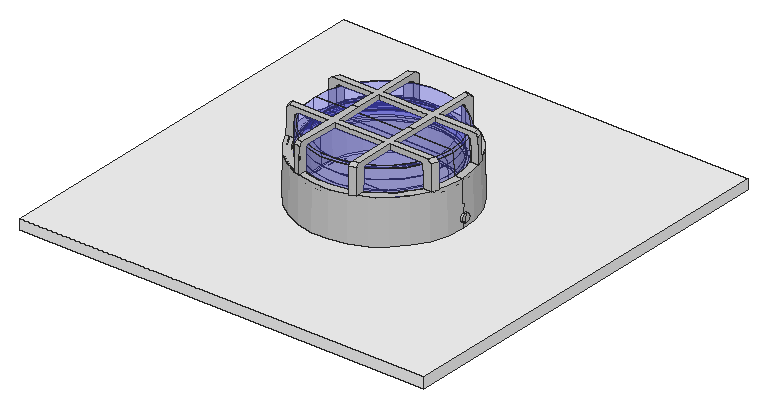
Revit family "BE_33502_de_DE", category Leuchten, Revit 2020
Family settings
  Basisbauteil = Fläche
  Bemaßung runder Anschluss = Durchmesser verwenden
  Teiletyp = Normal
  Beim Laden mit Abzugskörper schneiden = Ja
  Lichtquelle = Ja
  Gemeinsam genutzt = Nein
  Raumberechnungspunkt = Ja
Parameters (values of type "BEGA_33502_Silber_K4")
  built-in parameter 1150104 = 9.202 (stored number, unit not read)
  Wattage = 5.3 W
  Default Elevation = 0 mm
  built-in parameter 1150113 = 1 (stored number, unit not read)
  built-in parameter 1114218 = 1 (stored number, unit not read)
  Umgebungstemperatur = "25 °C"
  URL = "https://www.bega.com/de/produkt/33502"
  Typenkommentare = "© 2022 BEGA. Wir behalten uns das Recht vor, technische Änderungen ohne vorherige Ankündigung vorzunehmen."  # constant formula
  Type Image = 33502.png
  built-in parameter 1150134 = 12
  built-in parameter 1150109 = 1 (stored number, unit not read)
  Strom = ""
  built-in parameter 1150110 = 1 (stored number, unit not read)
  Spannung = 239.996 V
  Sonderanfertigung = no
  Seriennummer [instance] = "Hier können Sie die eindeutige Seriennummer für das Facility Management eintragen."
  Schutzklasse = "I"
  Schutzart = "IP 65"
  Scheinlast = 0 VA
  Produktdatenblatt = "https://cdn.bega.com/bega/products/33502AK4/current/documents/data-sheets/de"
  Oberflächentemperatur = ""
  Neigungswinkel = 0.00°
  Modell = "33502AK4"
  Material_11 = BEGA_Glas_opal
  Material_02 = BEGA_Oberfläche_Silber_matt
  Material_01 [instance] = BEGA_Oberfläche_Grafit_matt
  M_W = no
  M_G = no
  M_A = yes
  Logo = 0
  built-in parameter 1114217 = 1 (stored number, unit not read)
  built-in parameter 1150139 = (empty or 0)
  built-in parameter 1150105 = 41.775 (stored number, unit not read)
  built-in parameter 1150114 = 1 (stored number, unit not read)
  Lumens = 524.965 lm
  built-in parameter 1150115 = 1 (stored number, unit not read)
  Leuchtenlichtstrom = "268 lm"
  Leuchtenanzahl = ""
  Lebensdauerkriterien = "L70B50 @ 25 °C = 200000 h"
  Lastklassifizierung = Beleuchtung
  built-in parameter 1150112 = 1 (stored number, unit not read)
  Lampenlichtstrom = "600 lm"
  Lampe = "LED 2.8 W"
  LED_Modulbezeichnung = "LED-0337/840"
  built-in parameter 1150142 = (empty or 0)
  Hersteller = "BEGA"  # constant formula
  Halbstreuwinkel = ""
  Gewicht = "1.1 kg"
  Gebrauchslageneinschränkung [instance] = ""
  Frequenz = "0/50-60 Hz"
  Farbwiedergabeindex = "CRI > 80"
  Farbtemperaturverschiebung bei Dämpfen der Lampe = <Keine Auswahl>
  Farbtemperatur = "4000 K"
  Color Filter = 16777215
  built-in parameter 1150133 = 10 (stored number, unit not read)
  Energieeffizienzklasse = "LED A++ - A"
  built-in parameter 1150137 = (empty or 0)
  built-in parameter 1150132 = (empty or 0)
  ENEC = "ja"
  Dimmbar [instance] = "on/off"
  Datei für fotometrisches Netz = "BE_33502K4.IES"
  CE_Konformität = "ja"
  Bestellnummer = "33502AK4"
  Beschreibung_Sonderanfertigung = "Hier können Sie Informationen zur Sonderanfertigung eintragen."
  Beschreibung = "Decken- und Wandleuchte"
  built-in parameter 1150106 = 0.41775 (stored number, unit not read)
  Befestigungsbohrung = "Ø 4,5 mm"
  Befestigungsabstand = "110 mm"
  Ballwurfsicher = ""
  BEGA_Intern_aus = yes
  BEGA_Intern_an = yes
  BEGA_Intern_Konstruktion = yes
  BEGA_Intern = yes
  BEGA_IES = yes
  BEGA_Dummy = no
  Anschlussleistung [instance] = "3.9 W"
  built-in parameter 1150107 = 4000 (stored number, unit not read)
  built-in parameter 1150102 = (empty or 0)
  built-in parameter 1150138 = (empty or 0)
  Aktualisierung = "2022-05-18T04:00:07"
  Abstand_zur_angestrahlten_Fläche [instance] = ""
  AC/DC = "AC/DC"
Types (4, lengths in mm): name | built-in parameter 1150104 | built-in parameter 1150134 | Modell | M_G | M_A | built-in parameter 1150105 | Lumens | Leuchtenlichtstrom | Lampenlichtstrom | LED_Modulbezeichnung | Farbtemperatur | Datei für fotometrisches Netz | Bestellnummer | built-in parameter 1150106 | built-in parameter 1150107
  BEGA_33502_Silber_K4 | 9.202 (stored number, unit not read) | 12 | "33502AK4" | no | yes | 41.775 (stored number, unit not read) | 524.965 lm | "268 lm" | "600 lm" | "LED-0337/840" | "4000 K" | "BE_33502K4.IES" | "33502AK4" | 0.41775 (stored number, unit not read) | 4000 (stored number, unit not read)
  BEGA_33502_Silber_K3 | 9.0274 (stored number, unit not read) | (empty or 0) | "33502AK3" | no | yes | 40.982 (stored number, unit not read) | 515.001 lm | "259 lm" | "580 lm" | "LED-0337/830" | "3000 K" | "BE_33502K3.IES" | "33502AK3" | 0.40982 (stored number, unit not read) | 3000 (stored number, unit not read)
  BEGA_33502_Grafit_K3 | 9.0274 (stored number, unit not read) | (empty or 0) | "33502K3" | yes | no | 40.982 (stored number, unit not read) | 515.001 lm | "259 lm" | "580 lm" | "LED-0337/830" | "3000 K" | "BE_33502K3.IES" | "33502K3" | 0.40982 (stored number, unit not read) | 3000 (stored number, unit not read)
  BEGA_33502_Grafit_K4 | 9.202 (stored number, unit not read) | 12 | "33502K4" | yes | no | 41.775 (stored number, unit not read) | 524.965 lm | "268 lm" | "600 lm" | "LED-0337/840" | "4000 K" | "BE_33502K4.IES" | "33502K4" | 0.41775 (stored number, unit not read) | 4000 (stored number, unit not read)
Reference planes
  plane 1 "Mitte (Vorne/Hinten)": y = 0
  plane 2: z = 0
  plane 3 "Mitte (Links/Rechts)": x = 0
  plane 4 "Links": x = -78.963
  plane 5 "Rechts": x = 78.968
  plane 6 "Unten": y = -78.96
  plane 7 "Oben": y = 78.959
  plane 8 "Vorne": z = 72.4
Forms (mm)
  Extrusion 1, solid, material "BEGA_Platte_Weiss"
    sketch origin (0, -1119.2, 0) x (1, 0, 0) y (0, 1, 0)
      loop
        line (-200, 1319.2) -> (-200, 919.2) -> (200, 919.2) -> (200, 1319.2) -> (-200, 1319.2)
    from 0 to -10
  Extrusion 2, solid, material "BEGA_Dummy_matt", visible <- "BEGA_Dummy"
    sketch origin (77.149, -76.023, 0) x (1, 0, 0) y (0, 1, 0)
      loop
        circle (-77.149, 76.023) r 80
    from 0 to 72.4
Dimensions and locks
  plane 1 "Mitte (Vorne/Hinten)" to Extrusion 1 = 200 mm
  aligned and locked: plane 2 to Extrusion 1
  aligned and locked: level to Extrusion 1
Nested families
  nested 1: "BE_33502" at (0, 0, 0), type "BE_33502"
Connectors
  electrical at (0, 0, 0), driven by "Lastklassifizierung", driven by "Spannung", driven by "Scheinlast"
    settings: index 1, voltage 239.996 V, apparent load 0 VA, apparent load phase1 0 VA, apparent load phase2 0 VA, apparent load phase3 0 VA, power factor 1, load classification "Beleuchtung", number of poles 1, system type 31, power factor state 1, is connector primary yes, connector utility no, sub classification motor no, connector description ""
Definition of nested family "BE_33502"
  Parameters (values of type "BE_33502")
    Default Elevation = 1 mm
    URL = "http://www.bega.de/de/produkt"
    Type Comments = "© 2015 BEGA. Wir behalten uns das Recht vor, technische Änderungen ohne vorherige Ankündigung vorzunehmen. "  # constant formula
    Type Image = (empty or 0)
    Material_17 = none
    Material_15 = none
    Material_11 = none
    Material_09 = none
    Material_06 = none
    Material_03 = none
    Material_02 = none
    Material_01 = none
    M_W = no
    M_G = yes
    M_A = no
    Länge_Platte = 200 mm  # constant formula
    Höhe_Platte = -10 mm  # constant formula
    Manufacturer = "BEGA"  # constant formula
    Breite_Platte = 200 mm  # constant formula
  Reference planes
    plane 1 "Mitte (Oben/Unten)": y = 0
    plane 2: z = 0
    plane 3 "Mitte (Links/Rechts)": x = 0
    plane 4 "Vorne": z = 72.4
    plane 5 "Hinten": z = 0
    plane 6 "Links": x = -78.963
    plane 7 "Rechts": x = 78.968
    plane 8 "Oben": y = 78.959
    plane 9 "Unten": y = -78.96
  Forms (mm)
    Extrusion 1, solid, detail levels medium
      sketch origin (0, 0, 0) x (1, 0, 0) y (0, 1, 0)
        loop
          line (-100, 100) -> (-100, -100) -> (100, -100) -> (100, 100) -> (-100, 100)
      from 0 to -10 <- "Höhe_Platte"
    Revolve 2, solid, material <- "Material_01", visible <- "M_G", detail levels medium+fine
      sketch origin (0, 0, 0) x (1, 0, 0) y (0, 0, 1)
        loop
          line (-75.295, 36) -> (-75.4, 33) -> (-75.288, 29.778) -> (-65.994, 29.778) -> (-65.214, 0) -> (-62.5, 0) -> (-62.402, 3.726)
          arc (-62.402, 3.726) -> (-62.101, 4.416) -> (-61.403, 4.7) r 1
          line (-61.403, 4.7) -> (0, 4.7) -> (0, 7.4) -> (-61.526, 7.4)
          arc (-61.526, 7.4) -> (-62.224, 7.684) -> (-62.526, 8.374) r 1
          line (-62.526, 8.374) -> (-63.197, 34) -> (-65.5, 34) -> (-65.57, 36) -> (-75.295, 36)
        axis (0, 0) -> (0, 36)
      angle from 0 to 360
    Extrusion 3, void
      sketch origin (0, 0, 0) x (1, 0, 0) y (0, 1, 0)
        loop
          circle (0, 58.6) r 2.25
        loop
          circle (0, -58.565) r 2.25
        loop
          circle (38.233, 11.839) r 7.5
        loop
          circle (38.233, -11.839) r 7.5
      from 0 to 11.5
    Revolve 4, solid, material <- "Material_01", visible <- "M_G"
      sketch origin (0, 0, 0) x (1, 0, 0) y (0, 0, 1)
        loop
          line (-78.2, 45) -> (-78.959, 1.5) -> (-76.514, 1.5) -> (-75.79, 43) -> (-72.482, 43) -> (-70.772, 43.987) -> (-70.755, 45) -> (-78.2, 45)
        axis (0, 1.5) -> (0, 45)
      angle from 0 to 360
    Revolve 5, solid, material <- "Material_01", visible <- "M_G"
      sketch origin (0, 0, 0) x (1, 0, 0) y (0, 0, 1)
        loop
          line (-77.771, 69.554) -> (-78.2, 45) -> (-70.755, 45) -> (-70.392, 65.77) -> (-68.262, 67.9) -> (0, 67.9) -> (0, 72.4) -> (-74.731, 72.4)
          arc (-74.731, 72.4) -> (-76.252, 70.978) -> (-77.771, 69.554) r 1590.36
        axis (0, 72.4) -> (0, 45)
      angle from 0 to 360
    Extrusion 6, void
      sketch origin (0, 0, 0) x (1, 0, 0) y (0, 1, 0)
        loop
          line (-30.618, 84.217) -> (-83.104, 30.618) -> (-30.618, 30.618) -> (-30.618, 84.217)
        loop
          line (-24.382, 84.217) -> (-24.382, 30.618) -> (24.382, 30.618) -> (24.382, 84.217) -> (-24.382, 84.217)
        loop
          line (-88.19, -24.382) -> (-30.618, -24.382) -> (-30.618, 24.382) -> (-88.19, 24.382) -> (-88.19, -24.382)
        loop
          line (-24.382, 24.382) -> (-24.382, -24.382) -> (24.382, -24.382) -> (24.382, 24.382) -> (-24.382, 24.382)
        loop
          line (30.618, 84.217) -> (30.618, 30.618) -> (83.104, 30.618) -> (30.618, 84.217)
        loop
          line (88.19, -24.382) -> (88.19, 24.382) -> (30.618, 24.382) -> (30.618, -24.382) -> (88.19, -24.382)
        loop
          line (-30.618, -84.183) -> (-30.618, -30.618) -> (-83.104, -30.618) -> (-30.618, -84.183)
        loop
          line (-24.382, -84.183) -> (24.382, -84.183) -> (24.382, -30.618) -> (-24.382, -30.618) -> (-24.382, -84.183)
        loop
          line (30.618, -84.183) -> (83.104, -30.618) -> (30.618, -30.618) -> (30.618, -84.183)
      from 45 to 72.4
    Revolve 7, solid, material <- "Material_11", detail levels medium+fine
      sketch origin (0, 0, 0) x (1, 0, 0) y (0, 0, 1)
        loop
          line (-64, 38) -> (-64, 43) -> (-63.509, 52.366)
          arc (-63.509, 52.366) -> (-61.337, 57.078) -> (-56.519, 59) r 7
          line (-56.519, 59) -> (0, 59) -> (0, 67) -> (-67.362, 67) -> (-69.227, 65.135) -> (-69.966, 43.966)
          arc (-69.966, 43.966) -> (-70.271, 43.281) -> (-70.966, 43) r 1
          line (-70.966, 43) -> (-74.25, 43)
          arc (-74.25, 43) -> (-74.604, 42.854) -> (-74.75, 42.5) r 0.5
          line (-74.75, 42.5) -> (-74.75, 38.5)
          arc (-74.75, 38.5) -> (-74.604, 38.146) -> (-74.25, 38) r 0.5
          line (-74.25, 38) -> (-64, 38)
        axis (0, 67) -> (0, 38)
      angle from 0 to 360
    Revolve 8, solid, material <- "Material_06", detail levels fine
      sketch origin (0, 0, 0) x (1, 0, 0) y (0, 0, 1)
        loop
          line (78.95, 11.5) -> (81.45, 11.5) -> (81.45, 15.5) -> (78.95, 15.5) -> (78.95, 11.5)
        axis (78.95, 11.5) -> (81.45, 11.5)
      angle from 0 to 360
    Revolve 9, solid, material <- "Material_02", visible <- "M_A", detail levels medium+fine
      sketch origin (0, 0, 0) x (1, 0, 0) y (0, 0, 1)
        loop
          line (-75.295, 36) -> (-75.4, 33) -> (-75.288, 29.778) -> (-65.994, 29.778) -> (-65.214, 0) -> (-62.5, 0) -> (-62.402, 3.726)
          arc (-62.402, 3.726) -> (-62.101, 4.416) -> (-61.403, 4.7) r 1
          line (-61.403, 4.7) -> (0, 4.7) -> (0, 7.4) -> (-61.526, 7.4)
          arc (-61.526, 7.4) -> (-62.224, 7.684) -> (-62.526, 8.374) r 1
          line (-62.526, 8.374) -> (-63.197, 34) -> (-65.5, 34) -> (-65.57, 36) -> (-75.295, 36)
        axis (0, 0) -> (0, 36)
      angle from 0 to 360
    Extrusion 10, void
      sketch origin (0, 0, 0) x (1, 0, 0) y (0, 1, 0)
        loop
          circle (0, 58.6) r 2.25
        loop
          circle (0, -58.565) r 2.25
        loop
          circle (38.233, 11.839) r 7.5
        loop
          circle (38.233, -11.839) r 7.5
      from 0 to 11.5
    Revolve 11, solid, material <- "Material_02", visible <- "M_A"
      sketch origin (0, 0, 0) x (1, 0, 0) y (0, 0, 1)
        loop
          line (-78.2, 45) -> (-78.959, 1.5) -> (-76.514, 1.5) -> (-75.79, 43) -> (-72.482, 43) -> (-70.772, 43.987) -> (-70.755, 45) -> (-78.2, 45)
        axis (0, 1.5) -> (0, 45)
      angle from 0 to 360
    Revolve 12, solid, material <- "Material_02", visible <- "M_A"
      sketch origin (0, 0, 0) x (1, 0, 0) y (0, 0, 1)
        loop
          line (-77.771, 69.554) -> (-78.2, 45) -> (-70.755, 45) -> (-70.392, 65.77) -> (-68.262, 67.9) -> (0, 67.9) -> (0, 72.4) -> (-74.731, 72.4)
          arc (-74.731, 72.4) -> (-76.252, 70.978) -> (-77.771, 69.554) r 1590.36
        axis (0, 72.4) -> (0, 45)
      angle from 0 to 360
  Cuts and joins
    Extrusion 3, Extrusion 10 cuts Revolve 2
    Extrusion 6 cuts Revolve 5
    joined: Revolve 4, Revolve 5
    Extrusion 10 cuts Revolve 9
    Extrusion 6 cuts Revolve 12
    joined: Revolve 11, Revolve 12
  Dimensions and locks
    equal spacing: Extrusion 1 sketch curve, plane 3 "Mitte (Links/Rechts)", Extrusion 1 sketch curve
    equal spacing: Extrusion 1 sketch curve, plane 1 "Mitte (Oben/Unten)", Extrusion 1 sketch curve
    "Länge_Platte": Extrusion 1 sketch curve to Extrusion 1 sketch curve
    "Breite_Platte": Extrusion 1 sketch curve to Extrusion 1 sketch curve
    aligned and locked: plane 2 to Extrusion 1
    aligned and locked: level to Extrusion 1
  Automatic sketch dimensions
    Revolve 2 sketch curve to level = 0 mm
    Revolve 2 sketch curve to plane 3 "Mitte (Links/Rechts)" = 0 mm  (x2)
    level to Revolve 2 sketch curve = 4.7 mm
    plane 6 "Links" to Revolve 2 sketch curve = 17.56 mm
    Revolve 2 sketch curve to Revolve 2 sketch curve = 0.123 mm
    Revolve 2 sketch curve to Revolve 2 sketch curve = 1.097 mm
    plane 6 "Links" to Revolve 2 sketch curve = 15.766 mm
    Revolve 2 sketch curve to Revolve 2 sketch curve = 2.714 mm
    Revolve 2 sketch curve to Revolve 2 sketch curve = 2.303 mm
    Revolve 2 sketch curve to Revolve 2 sketch curve = 0.07 mm
    Revolve 2 sketch curve to Revolve 2 sketch curve = 0.494 mm
    plane 6 "Links" to Revolve 2 sketch curve = 3.675 mm
    plane 6 "Links" to Revolve 2 sketch curve = 3.667 mm
    Revolve 2 sketch curve to Revolve 2 sketch curve = 0.105 mm
    Revolve 2 sketch curve to Revolve 2 sketch curve = 1 mm  (x4)
    Revolve 2 sketch curve to Revolve 2 sketch curve = 2.7 mm
    Revolve 2 sketch curve to Revolve 2 sketch curve = 21.378 mm
    Revolve 2 sketch curve to Revolve 2 sketch curve = 0 mm  (x5)
    Revolve 2 sketch curve to Revolve 2 sketch curve = 3.222 mm
    Revolve 2 sketch curve to Revolve 2 sketch curve = 4.222 mm
    Revolve 2 sketch curve to Revolve 2 sketch curve = 2 mm
    level to Revolve 2 sketch curve = 3.726 mm
    Revolve 2 sketch curve to Revolve 2 sketch curve = 19.225 mm
    Extrusion 3 sketch curve to plane 3 "Mitte (Links/Rechts)" = 0 mm  (x2)
    plane 1 "Mitte (Oben/Unten)" to Extrusion 3 sketch curve = 11.839 mm
    plane 3 "Mitte (Links/Rechts)" to Extrusion 3 sketch curve = 38.233 mm
    Extrusion 3 sketch curve to plane 1 "Mitte (Oben/Unten)" = 11.839 mm
    Extrusion 3 sketch curve to Extrusion 3 sketch curve = 0 mm
    plane 9 "Unten" to Extrusion 3 sketch curve = 20.395 mm
    Extrusion 3 sketch curve to plane 8 "Oben" = 20.359 mm
    Revolve 4 sketch curve to plane 3 "Mitte (Links/Rechts)" = 0 mm
    plane 6 "Links" to Revolve 4 sketch curve = 8.208 mm
    Revolve 4 sketch curve to Revolve 4 sketch curve = 0.018 mm
    Revolve 4 sketch curve to Revolve 4 sketch curve = 1.71 mm
    plane 6 "Links" to Revolve 4 sketch curve = 3.173 mm
    plane 6 "Links" to Revolve 4 sketch curve = 2.449 mm
    plane 6 "Links" to Revolve 4 sketch curve = 0.763 mm
    plane 6 "Links" to Revolve 4 sketch curve = 0.003 mm
    level to Revolve 4 sketch curve = 1.5 mm
    Revolve 4 sketch curve to plane 4 "Vorne" = 29.4 mm
    Revolve 4 sketch curve to Revolve 4 sketch curve = 0.987 mm
    Revolve 4 sketch curve to Revolve 4 sketch curve = 1.013 mm
    Revolve 4 sketch curve to level = 3.5 mm
    Revolve 4 sketch curve to plane 4 "Vorne" = 25.9 mm
    Revolve 5 sketch curve to plane 4 "Vorne" = 0 mm  (x2)
    Revolve 5 sketch curve to plane 3 "Mitte (Links/Rechts)" = 0 mm  (x2)
    Revolve 5 sketch curve to plane 4 "Vorne" = 4.5 mm
    plane 6 "Links" to Revolve 5 sketch curve = 10.701 mm
    Revolve 5 sketch curve to Revolve 5 sketch curve = 2.13 mm  (x2)
    plane 6 "Links" to Revolve 5 sketch curve = 8.208 mm
    plane 6 "Links" to Revolve 5 sketch curve = 4.231 mm
    plane 6 "Links" to Revolve 5 sketch curve = 1.191 mm
    plane 6 "Links" to Revolve 5 sketch curve = 0.763 mm
    plane 7 "Rechts" to Revolve 5 sketch curve = 931.727 mm
    Revolve 5 sketch curve to Revolve 5 sketch curve = 20.77 mm
    Revolve 5 sketch curve to level = 1089.965 mm
    Revolve 5 sketch curve to Revolve 5 sketch curve = 20.5 mm
    Extrusion 6 sketch curve to plane 6 "Links" = 9.228 mm
    Extrusion 6 sketch curve to plane 6 "Links" = 4.141 mm  (x2)
    Extrusion 6 sketch curve to plane 3 "Mitte (Links/Rechts)" = 30.618 mm
    Extrusion 6 sketch curve to Extrusion 6 sketch curve = 0 mm  (x7)
    Extrusion 6 sketch curve to Extrusion 6 sketch curve = 6.236 mm  (x11)
    plane 8 "Oben" to Extrusion 6 sketch curve = 5.259 mm  (x3)
    plane 3 "Mitte (Links/Rechts)" to Extrusion 6 sketch curve = 24.382 mm  (x2)
    Extrusion 6 sketch curve to plane 9 "Unten" = 5.223 mm  (x3)
    plane 7 "Rechts" to Extrusion 6 sketch curve = 4.136 mm  (x2)
    Extrusion 6 sketch curve to Extrusion 6 sketch curve = 5.087 mm
    plane 1 "Mitte (Oben/Unten)" to Extrusion 6 sketch curve = 30.618 mm
    Extrusion 6 sketch curve to plane 1 "Mitte (Oben/Unten)" = 24.382 mm  (x2)
    Revolve 7 sketch curve to plane 3 "Mitte (Links/Rechts)" = 0 mm  (x2)
    plane 6 "Links" to Revolve 7 sketch curve = 22.444 mm
    Revolve 7 sketch curve to Revolve 7 sketch curve = 7.481 mm
    Revolve 7 sketch curve to plane 4 "Vorne" = 5.4 mm
    plane 6 "Links" to Revolve 7 sketch curve = 11.601 mm
    Revolve 7 sketch curve to Revolve 7 sketch curve = 1.865 mm  (x2)
    Revolve 7 sketch curve to Revolve 7 sketch curve = 5.966 mm
    Revolve 7 sketch curve to Revolve 7 sketch curve = 0.999 mm
    plane 6 "Links" to Revolve 7 sketch curve = 4.713 mm
    Revolve 7 sketch curve to Revolve 7 sketch curve = 3.284 mm
    Revolve 7 sketch curve to Revolve 7 sketch curve = 0.5 mm
    Revolve 7 sketch curve to Revolve 7 sketch curve = 8 mm  (x2)
    Revolve 7 sketch curve to Revolve 7 sketch curve = 7 mm
    Revolve 7 sketch curve to Revolve 7 sketch curve = 0.034 mm
    Revolve 7 sketch curve to Revolve 7 sketch curve = 0.966 mm
    Revolve 7 sketch curve to Revolve 7 sketch curve = 4 mm
    Revolve 7 sketch curve to Revolve 7 sketch curve = 0 mm  (x6)
    Revolve 7 sketch curve to Revolve 7 sketch curve = 6.99 mm
    Revolve 7 sketch curve to Revolve 7 sketch curve = 3.7 mm
    Revolve 8 sketch curve to plane 7 "Rechts" = 0.018 mm
    plane 7 "Rechts" to Revolve 8 sketch curve = 2.482 mm
    level to Revolve 8 sketch curve = 11.5 mm
    Revolve 8 sketch curve to Revolve 8 sketch curve = 4 mm
    Revolve 8 sketch curve to Revolve 8 sketch curve = 0 mm  (x2)
    Revolve 8 sketch curve to Revolve 8 sketch curve = 1.248 mm
    Revolve 9 sketch curve to level = 0 mm
    Revolve 9 sketch curve to plane 3 "Mitte (Links/Rechts)" = 0 mm  (x2)
    level to Revolve 9 sketch curve = 4.7 mm
    plane 6 "Links" to Revolve 9 sketch curve = 17.56 mm
    Revolve 9 sketch curve to Revolve 9 sketch curve = 0.123 mm
    Revolve 9 sketch curve to Revolve 9 sketch curve = 1.097 mm
    plane 6 "Links" to Revolve 9 sketch curve = 15.766 mm
    Revolve 9 sketch curve to Revolve 9 sketch curve = 2.714 mm
    Revolve 9 sketch curve to Revolve 9 sketch curve = 2.303 mm
    Revolve 9 sketch curve to Revolve 9 sketch curve = 0.07 mm
    Revolve 9 sketch curve to Revolve 9 sketch curve = 0.494 mm
    plane 6 "Links" to Revolve 9 sketch curve = 3.675 mm
    plane 6 "Links" to Revolve 9 sketch curve = 3.667 mm
    Revolve 9 sketch curve to Revolve 9 sketch curve = 0.105 mm
    Revolve 9 sketch curve to Revolve 9 sketch curve = 1 mm  (x4)
    Revolve 9 sketch curve to Revolve 9 sketch curve = 2.7 mm
    Revolve 9 sketch curve to Revolve 9 sketch curve = 21.378 mm
    Revolve 9 sketch curve to Revolve 9 sketch curve = 0 mm  (x5)
    Revolve 9 sketch curve to Revolve 9 sketch curve = 3.222 mm
    Revolve 9 sketch curve to Revolve 9 sketch curve = 4.222 mm
    Revolve 9 sketch curve to Revolve 9 sketch curve = 2 mm
    level to Revolve 9 sketch curve = 3.726 mm
    Revolve 9 sketch curve to Revolve 9 sketch curve = 19.225 mm
    Extrusion 10 sketch curve to plane 3 "Mitte (Links/Rechts)" = 0 mm  (x2)
    plane 1 "Mitte (Oben/Unten)" to Extrusion 10 sketch curve = 11.839 mm
    plane 3 "Mitte (Links/Rechts)" to Extrusion 10 sketch curve = 38.233 mm
    Extrusion 10 sketch curve to plane 1 "Mitte (Oben/Unten)" = 11.839 mm
    Extrusion 10 sketch curve to Extrusion 10 sketch curve = 0 mm
    plane 9 "Unten" to Extrusion 10 sketch curve = 20.395 mm
    Extrusion 10 sketch curve to plane 8 "Oben" = 20.359 mm
    Revolve 11 sketch curve to plane 3 "Mitte (Links/Rechts)" = 0 mm
    plane 6 "Links" to Revolve 11 sketch curve = 8.208 mm
    Revolve 11 sketch curve to Revolve 11 sketch curve = 0.018 mm
    Revolve 11 sketch curve to Revolve 11 sketch curve = 1.71 mm
    plane 6 "Links" to Revolve 11 sketch curve = 3.173 mm
    plane 6 "Links" to Revolve 11 sketch curve = 2.449 mm
    plane 6 "Links" to Revolve 11 sketch curve = 0.763 mm
    plane 6 "Links" to Revolve 11 sketch curve = 0.003 mm
    level to Revolve 11 sketch curve = 1.5 mm
    Revolve 11 sketch curve to plane 4 "Vorne" = 29.4 mm
    Revolve 11 sketch curve to Revolve 11 sketch curve = 0.987 mm
    Revolve 11 sketch curve to Revolve 11 sketch curve = 1.013 mm
    Revolve 11 sketch curve to level = 3.5 mm
    Revolve 11 sketch curve to plane 4 "Vorne" = 25.9 mm
    Revolve 12 sketch curve to plane 4 "Vorne" = 0 mm  (x2)
    Revolve 12 sketch curve to plane 3 "Mitte (Links/Rechts)" = 0 mm  (x2)
    Revolve 12 sketch curve to plane 4 "Vorne" = 4.5 mm
    plane 6 "Links" to Revolve 12 sketch curve = 10.701 mm
    Revolve 12 sketch curve to Revolve 12 sketch curve = 2.13 mm  (x2)
    plane 6 "Links" to Revolve 12 sketch curve = 8.208 mm
    plane 6 "Links" to Revolve 12 sketch curve = 4.231 mm
    plane 6 "Links" to Revolve 12 sketch curve = 1.191 mm
    plane 6 "Links" to Revolve 12 sketch curve = 0.763 mm
    plane 7 "Rechts" to Revolve 12 sketch curve = 931.727 mm
    Revolve 12 sketch curve to Revolve 12 sketch curve = 20.77 mm
    Revolve 12 sketch curve to level = 1089.965 mm
    Revolve 12 sketch curve to Revolve 12 sketch curve = 20.5 mm
    radius of Extrusion 3 sketch curve = 2.25 mm  (x2)
    radius of Extrusion 3 sketch curve = 7.5 mm  (x2)
    radius of Extrusion 10 sketch curve = 2.25 mm  (x2)
    radius of Extrusion 10 sketch curve = 7.5 mm  (x2)
